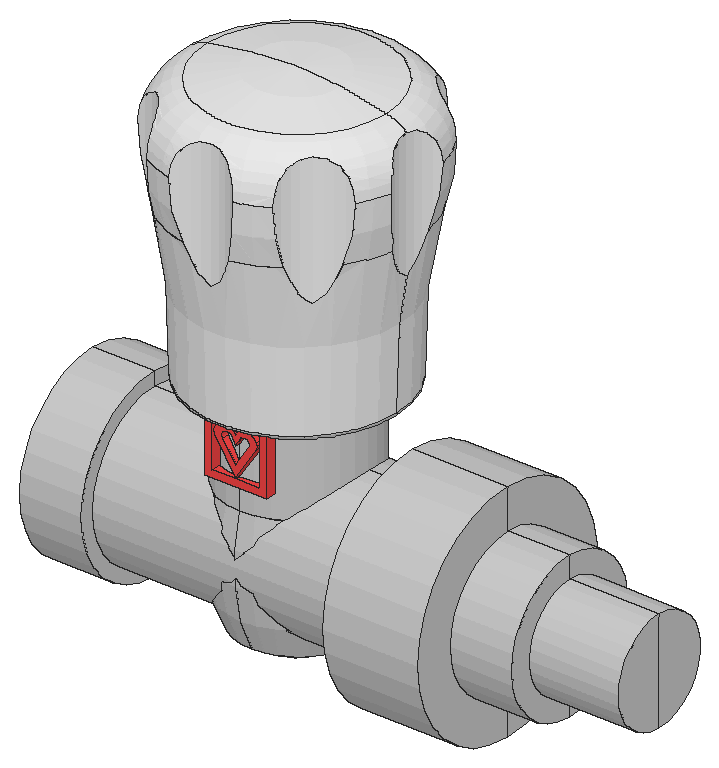
Revit family "GP Radiator Control Valve Straight Model 5523", category Rohrzubehör, Revit 2018
Family settings
  Bemaßung runder Anschluss = Durchmesser verwenden
  Teiletyp = Unterbricht
  OmniClass-Nummer = 23.65.55.14
  OmniClass-Titel = Valves for Liquid Services
  Arbeitsebenenbasiert = Nein
  Immer vertikal = Ja
  Beim Laden mit Abzugskörper schneiden = Nein
  Gemeinsam genutzt = Nein
Parameters
  W01 = 60.00°  # constant formula
  URL = "www.herzvalves.com"
  SCRNSEQ = "ARM;ARM_TYP=\"ALLF\";2"
  SCRNCODE = "05;00;02"  # constant formula
  S04 = 45.000 mm  # constant formula
  S03 = 61.000 mm  # constant formula
  S02 [instance] = L05 + L06 + L07  # 53.300 mm
  S01 = 10.000 mm  # constant formula
  R05 = 25.000 mm  # constant formula
  R04 = 2.000 mm  # constant formula
  R03 = 28.000 mm  # constant formula
  R02 = 11.500 mm  # constant formula
  R01 = 10.500 mm  # constant formula
  Part number [instance] = size_lookup("5523_", "Artnr", 0, Nennweite)  # 1552321
  Nennweite [instance] = 15.000 mm
  Model = "These universal models are nickel-plated and equipped with special sockets for threaded pipe and compression union connections."
  Medium = "Hot water quality according to Austrian standard ÖNORM H 5195 and/or VDI guideline 2035."
  Max. operating temperature = 110 °C  # constant formula
  Max. operating pressure = 1000000.0 Pa  # constant formula
  LO1 = 10.500 mm  # constant formula
  L07 [instance] = size_lookup("5523_", "L7", 1.000 mm, Nennweite)  # 22.300 mm
  L06 [instance] = size_lookup("5523_", "L6", 1.000 mm, Nennweite)  # 14.000 mm
  L05 [instance] = L02 - L04  # 17.000 mm
  L04 [instance] = size_lookup("5523_", "L4", 1.000 mm, Nennweite)  # 8.000 mm
  L03 [instance] = size_lookup("5523_", "L3", 1.000 mm, Nennweite)  # 9.000 mm
  L02 [instance] = size_lookup("5523_", "L2", 1.000 mm, Nennweite)  # 25.000 mm
  L01 [instance] = size_lookup("5523_", "L1", 1.000 mm, Nennweite)  # 30.000 mm
  Hersteller = "HERZ Armaturen Ges.m.b.H."  # constant formula
  Hand wheel = "plastic, white"  # constant formula
  H02 = 25.500 mm  # constant formula
  H01 = 17.000 mm  # constant formula
  GTI [instance] = size_lookup("5523_", "GT1", 1.000 mm, Nennweite)  # 13.200 mm
  GT [instance] = size_lookup("5523_", "GT", 1.000 mm, Nennweite)  # 9.500 mm
  G2 [instance] = Nennweite / 2  # 7.500 mm
  G1 [instance] = Nennweite / 2  # 7.500 mm
  D05 [instance] = size_lookup("5523_", "D5", 1.000 mm, Nennweite)  # 10.650 mm
  D04 [instance] = size_lookup("5523_", "D4", 1.000 mm, Nennweite)  # 16.500 mm
  D03 [instance] = size_lookup("5523_", "D3", 1.000 mm, Nennweite)  # 9.525 mm
  D02 [instance] = size_lookup("5523_", "D2", 1.000 mm, Nennweite)  # 11.500 mm
  D01 [instance] = size_lookup("5523_", "D1", 1.000 mm, Nennweite)  # 13.500 mm
  Body = "nickel-plated"  # constant formula
Reference planes
  plane 1 "Mitte (Vorne/hinten)": y = 0
  plane 2: z = 0
  plane 3 "Mitte (Links/rechts)": x = 0
Forms (mm)
  Revolve 1, solid, material "Messing, weicher Gelbton, geschweißt", detail levels fine
    sketch origin (0, 0, 0) x (1, 0, 0) y (0, 0, 1)
      loop
        line (-20.5, 0) -> (25, 0) -> (25, 9.525) -> (17, 9.525) -> (17, 11.5) -> (-21, 11.5) -> (-21, 13.5) -> (-30, 13.5) -> (-30, 7.5) -> (-20.5, 7.5) -> (-20.5, 0)
      axis (-30, 0) -> (25, 0)
    angle from 0 to 360
  Revolve 2, solid, material "Messing, weicher Gelbton, geschweißt", detail levels fine
    sketch origin (0, 0, 0) x (0, 1, 0) y (0, 0, 1)
      loop
        line (0, 25.5) -> (-10.5, 25.5) -> (-10.5, 7)
        arc (-10.5, 7) -> (-11.341, -2.816) -> (-8.325, -12.194) r 25
        line (-8.325, -12.194) -> (0, -17) -> (0, 25.5)
      axis (0, -17) -> (0, 25.5)
    angle from 0 to 360
  Revolve 3, solid, material "Messing, weicher Gelbton, geschweißt", detail levels fine
    sketch origin (0, 0, 0) x (1, 0, 0) y (0, 0, 1)
      loop
        line (25, 0) -> (53.3, 0) -> (53.3, 7.5) -> (40.1, 7.5) -> (40.1, 10.65) -> (31, 10.65) -> (31, 16.5) -> (17, 16.5) -> (17, 9.525) -> (25, 9.525) -> (25, 0)
      axis (17, 0) -> (53.3, 0)
    angle from 0 to 360
Lines and regions (mm)
  model lines, detail levels coarse+medium
    curve 1: line (-30, 0, 13.5) -> (-30, 0, -13.5)
    curve 2: line (-30, 0, -13.5) -> (30, 0, 13.5)
    curve 3: line (30, 0, 13.5) -> (30, 0, -13.5)
    curve 4: line (30, 0, -13.5) -> (-30, 0, 13.5)
    curve 5: line (30, 0, 13.5) -> (40, 0, 13.5)
    curve 6: line (40, 0, 13.5) -> (30, 0, 0)
    curve 7: line (30, 0, -13.5) -> (40, 0, -13.5)
    curve 8: line (40, 0, -13.5) -> (30, 0, 0)
    curve 9: line (30, 0, 0) -> (53.3, 0, 0)
    curve 10: line (0, 0, 0) -> (0, 0, 61)
    curve 11: line (-22.5, 0, 61) -> (22.5, 0, 61)
    curve 12: line (-30, 13.5, 0) -> (-30, -13.5, 0)
    curve 13: line (-30, -13.5, 0) -> (30, 13.5, 0)
    curve 14: line (30, 13.5, 0) -> (30, -13.5, 0)
    curve 15: line (30, -13.5, 0) -> (-30, 13.5, 0)
    curve 16: line (0, 0, 0) -> (0, 61, 0)
    curve 17: line (-22.5, 61, 0) -> (22.5, 61, 0)
    curve 18: line (30, 13.5, 0) -> (40, 13.5, 0)
    curve 19: line (40, 13.5, 0) -> (30, 0, 0)
    curve 20: line (30, -13.5, 0) -> (40, -13.5, 0)
    curve 21: line (40, -13.5, 0) -> (30, 0, 0)
Dimensions and locks
  "L01": Revolve 1 sketch curve to plane 3 "Mitte (Links/rechts)"
  "L02": Revolve 1 sketch curve to plane 3 "Mitte (Links/rechts)"
  "G1": Revolve 1 sketch curve to plane 2
  "GT": Revolve 1 sketch curve to Revolve 1 sketch curve
  "D01": Revolve 1 sketch curve to Revolve 1 sketch curve
  "D02": Revolve 1 sketch curve to Revolve 1 sketch curve
  "D03": Revolve 1 sketch curve to Revolve 1 sketch curve
  "L03": Revolve 1 sketch curve to Revolve 1 sketch curve
  "L04": Revolve 1 sketch curve to Revolve 1 sketch curve
  "H01": plane 2 to Revolve 2 sketch curve
  "H02": Revolve 2 sketch curve to plane 2
  "R01": Revolve 2 sketch curve to plane 1 "Mitte (Vorne/hinten)"
  "R02": Revolve 2 sketch curve to plane 1 "Mitte (Vorne/hinten)"
  "D03": Revolve 3 sketch curve to plane 2
  "L04": Revolve 3 sketch curve to Revolve 3 sketch curve
  "L05": Revolve 3 sketch curve to plane 3 "Mitte (Links/rechts)"
  "L06": Revolve 3 sketch curve to Revolve 3 sketch curve
  "L07": Revolve 3 sketch curve to Revolve 3 sketch curve
  "D04": Revolve 3 sketch curve to Revolve 3 sketch curve
  "G2": Revolve 3 sketch curve to Revolve 3 sketch curve
  "D05": Revolve 3 sketch curve to Revolve 3 sketch curve
  "GTI": Revolve 3 sketch curve to Revolve 3 sketch curve
  "LO1": nested 2 to plane 2
  "LO1": nested 1 to nested 2
  "D01": curve 4 to plane 2 to curve 2
  "D01": curve 3 to plane 2 to curve 4
  "L01": curve 1 to plane 3 "Mitte (Links/rechts)" to curve 3
  "S01": curve 3 to curve 6
  "S02": curve 9 to plane 3 "Mitte (Links/rechts)"
  "S03": curve 10 to plane 2
  equal spacing: curve 11, curve 10, curve 11
  "S04": curve 11 to curve 11
  "L01": curve 12 to plane 3 "Mitte (Links/rechts)" to curve 14
  "D01": curve 13 to plane 1 "Mitte (Vorne/hinten)" to curve 15
  "D01": curve 15 to plane 1 "Mitte (Vorne/hinten)" to curve 14
  "S03": plane 1 "Mitte (Vorne/hinten)" to curve 16
  equal spacing: curve 17, plane 3 "Mitte (Links/rechts)", curve 17
  "S04": curve 17 to curve 17
  "S01": curve 14 to curve 19
  "S01": curve 14 to curve 21
  "R05": radius of Revolve 2 sketch curve
  "W01": angle Revolve 2 sketch curve to Revolve 2 sketch curve
  aligned and locked: level to plane 2
Automatic sketch dimensions
  curve 10 to level = 0.000 mm
  curve 9 to level = 0.000 mm
  curve 3 to curve 7 = 10.000 mm
  curve 16 to plane 3 "Mitte (Links/rechts)" = 0.000 mm
  plane 1 "Mitte (Vorne/hinten)" to curve 19 = 0.000 mm
  Revolve 1 sketch curve to level = 0.000 mm  (x2)
  Revolve 1 sketch curve to Revolve 1 sketch curve = 1436.530 mm
  Revolve 1 sketch curve to Revolve 1 sketch curve = 1779.148 mm
  Revolve 2 sketch curve to plane 1 "Mitte (Vorne/hinten)" = 0.000 mm  (x2)
  Revolve 2 sketch curve to level = 0.000 mm
  Revolve 2 sketch curve to Revolve 2 sketch curve = 98.333 mm
  Revolve 2 sketch curve to Revolve 2 sketch curve = 1236.335 mm
  Revolve 3 sketch curve to level = 0.000 mm  (x2)
  Revolve 3 sketch curve to plane 3 "Mitte (Links/rechts)" = 1506.530 mm
  Revolve 3 sketch curve to Revolve 3 sketch curve = 1789.648 mm
Nested families
  nested 1: "Handrad-Heizkörperventile" at (0, 0, 20), type "Handrad-Heizkörperventile", detail levels fine
  nested 2: "Herz-Logo-vorne" at (0, -10.5, 15) x (0, 1, 0) z (0, 0, 1), type "Herz-Logo-vorne", detail levels fine
Connectors
  piping at (-20.5, 0, 0), diameter 15, driven by "Nennweite"
    settings: on Revolve 1, index 1, connector inside diameter 609.6 mm, connector length 0.000 mm, flow factor 0, pipe flow 0.0 L/s, pressure drop 0.0 Pa, fitting loss kfactor 0, connector angle 0.00°, fixture units 0, engagement length 0.000 mm, angle of deflection 0.00°, flow configuration 0, flow direction 1, fitting loss method 0, system type 7, joint type 0, gender type 0, connector reference index -1, connector utility 0, adjustable connector no, is connector primary yes, connector description ""
  piping at (53.3, 0, 0), diameter 15, driven by "Nennweite"
    settings: on Revolve 3, index 2, connector inside diameter 609.6 mm, connector length 0.000 mm, flow factor 0, pipe flow 0.0 L/s, pressure drop 0.0 Pa, fitting loss kfactor 0, connector angle 0.00°, fixture units 0, engagement length 0.000 mm, angle of deflection 0.00°, flow configuration 0, flow direction 2, fitting loss method 0, system type 7, joint type 0, gender type 0, connector reference index -1, connector utility 0, adjustable connector no, is connector primary no, connector description ""
Definition of nested family "Handrad-Heizkörperventile"
  Parameters (values of type "Handrad-Heizkörperventile")
    T01 = 5.500 mm  # constant formula
    R01 = 10.500 mm  # constant formula
  Reference planes
    plane 1 "Mitte (Vorne/hinten)": y = 0
    plane 2: z = 0
    plane 3 "Mitte (Links/rechts)": x = 0
  Forms (mm)
    Revolve 1, solid, detail levels fine
      sketch origin (0, 0, 0) x (1, 0, 0) y (0, 0, 1)
        loop
          line (10.5, 0) -> (14.25, 0)
          arc (14.25, 0) -> (14.604, 0.146) -> (14.75, 0.5) r 0.5
          arc (14.75, 0.5) -> (15.098, 12.356) -> (17.195, 24.03) r 80
          arc (17.195, 24.03) -> (18.172, 28.281) -> (18.5, 32.63) r 29
          arc (18.5, 32.63) -> (17.011, 36.946) -> (13.177, 39.426) r 7
          arc (13.177, 39.426) -> (6.637, 40.626) -> (0, 41.028) r 55
          line (0, 41.028) -> (0, 5.5) -> (10.5, 5.5) -> (10.5, 0)
        axis (0, 41.028) -> (0, 0)
      angle from 0 to 360
    Extrusion 2, void
      sketch origin (0, 0, 0) x (1, 0, 0) y (0, 1, 0)
        loop
          arc (-16.011, 9.268) -> (-11.314, 11.314) -> (-9.268, 16.011) r 7
          arc (-9.268, 16.011) -> (-13.081, 13.081) -> (-16.011, 9.268) r 18.5
        loop
          arc (16.011, 9.268) -> (13.081, 13.081) -> (9.268, 16.011) r 18.5
          arc (9.268, 16.011) -> (11.314, 11.314) -> (16.011, 9.268) r 7
        loop
          arc (-16.011, -9.268) -> (-13.081, -13.081) -> (-9.268, -16.011) r 18.5
          arc (-9.268, -16.011) -> (-11.314, -11.314) -> (-16.011, -9.268) r 7
        loop
          arc (16.011, -9.268) -> (11.314, -11.314) -> (9.268, -16.011) r 7
          arc (9.268, -16.011) -> (13.081, -13.081) -> (16.011, -9.268) r 18.5
        loop
          arc (17.953, 4.58) -> (16.078, -0.188) -> (17.953, -4.956) r 7
          arc (17.953, -4.956) -> (18.578, -0.188) -> (17.953, 4.58) r 18.5
        loop
          arc (-17.953, 4.58) -> (-18.578, -0.188) -> (-17.953, -4.956) r 18.5
          arc (-17.953, -4.956) -> (-16.078, -0.188) -> (-17.953, 4.58) r 7
        loop
          arc (-4.58, 17.953) -> (0.188, 16.078) -> (4.956, 17.953) r 7
          arc (4.956, 17.953) -> (0.188, 18.578) -> (-4.58, 17.953) r 18.5
        loop
          arc (-4.58, -17.953) -> (0.188, -18.578) -> (4.956, -17.953) r 18.5
          arc (4.956, -17.953) -> (0.188, -16.078) -> (-4.58, -17.953) r 7
      from 15.609 to 43.011
  Cuts and joins
    Extrusion 2 cuts Revolve 1
  Dimensions and locks
    "R01": Revolve 1 sketch curve to Revolve 1 sketch curve
    Revolve 1 sketch curve to plane 3 "Mitte (Links/rechts)" = 14.750 mm
    "T01": Revolve 1 sketch curve to Revolve 1 sketch curve
    aligned and locked: level to plane 2
  Automatic sketch dimensions
    Extrusion 2 sketch curve to Extrusion 2 sketch curve = 0.000 mm  (x14)
    plane 1 "Mitte (Vorne/hinten)" to Extrusion 2 sketch curve = 0.000 mm
    Extrusion 2 sketch curve to plane 3 "Mitte (Links/rechts)" = 0.000 mm
    Extrusion 2 sketch curve to plane 3 "Mitte (Links/rechts)" = 0.078 mm
    Extrusion 2 sketch curve to plane 3 "Mitte (Links/rechts)" = 16.263 mm  (x2)
    plane 1 "Mitte (Vorne/hinten)" to Extrusion 2 sketch curve = 0.188 mm  (x2)
    Extrusion 2 sketch curve to Extrusion 2 sketch curve = 6.815 mm  (x4)
    plane 3 "Mitte (Links/rechts)" to Extrusion 2 sketch curve = 0.078 mm
    plane 3 "Mitte (Links/rechts)" to Extrusion 2 sketch curve = 0.188 mm  (x2)
    plane 1 "Mitte (Vorne/hinten)" to Extrusion 2 sketch curve = 0.078 mm
    Extrusion 2 sketch curve to Extrusion 2 sketch curve = 0.110 mm  (x2)
    Extrusion 2 sketch curve to plane 1 "Mitte (Vorne/hinten)" = 0.078 mm
    plane 3 "Mitte (Links/rechts)" to Extrusion 2 sketch curve = 16.263 mm  (x2)
    plane 1 "Mitte (Vorne/hinten)" to Extrusion 2 sketch curve = 16.263 mm  (x2)
    Extrusion 2 sketch curve to plane 1 "Mitte (Vorne/hinten)" = 16.263 mm  (x2)
    Extrusion 2 sketch curve to plane 3 "Mitte (Links/rechts)" = 4.580 mm  (x2)
    Extrusion 2 sketch curve to Extrusion 2 sketch curve = 4.688 mm  (x2)
    Extrusion 2 sketch curve to Extrusion 2 sketch curve = 0.252 mm  (x4)
    Extrusion 2 sketch curve to Extrusion 2 sketch curve = 1.942 mm  (x4)
    Extrusion 2 sketch curve to Extrusion 2 sketch curve = 4.312 mm  (x4)
    Revolve 1 sketch curve to plane 3 "Mitte (Links/rechts)" = 0.000 mm  (x2)
    Revolve 1 sketch curve to level = 0.000 mm
    Revolve 1 sketch curve to plane 3 "Mitte (Links/rechts)" = 10.500 mm
    plane 3 "Mitte (Links/rechts)" to Revolve 1 sketch curve = 11.500 mm
    Revolve 1 sketch curve to Revolve 1 sketch curve = 0.500 mm
    level to Revolve 1 sketch curve = 4.086 mm
    Revolve 1 sketch curve to Revolve 1 sketch curve = 79.920 mm
    Revolve 1 sketch curve to level = 13.972 mm
    Revolve 1 sketch curve to Revolve 1 sketch curve = 27.130 mm
    Revolve 1 sketch curve to Revolve 1 sketch curve = 8.398 mm
    Revolve 1 sketch curve to Revolve 1 sketch curve = 0.000 mm
    Revolve 1 sketch curve to Revolve 1 sketch curve = 1.305 mm
    Revolve 1 sketch curve to Revolve 1 sketch curve = 352.073 mm
    Revolve 1 sketch curve to Revolve 1 sketch curve = 2173.287 mm
Definition of nested family "Herz-Logo-vorne"
  Reference planes
    plane 1 "Mitte (Vorne/hinten)": y = 0
    plane 2: z = 0
    plane 3 "Mitte (Links/rechts)": x = 0
  Forms (mm)
    Extrusion 1, solid
      sketch origin (0.732, -0.018, 0.017) x (0, -1, 0) y (0, 0, 1)
        loop
          line (-0.018, -4.517) -> (4.482, -4.517) -> (4.482, 4.483) -> (-4.518, 4.483) -> (-4.518, -4.517) -> (-0.018, -4.517)
        loop
          line (-0.05, -3.48) -> (3.482, -3.48) -> (3.482, 3.483) -> (-3.518, 3.483) -> (-3.518, -3.48) -> (-0.05, -3.48)
        loop
          arc (-0.018, 2.383) -> (-1.543, 3.287) -> (-3.067, 2.383) r 1.738
          arc (-3.067, 2.383) -> (-3.191, 1.899) -> (-3.067, 1.415) r 1.009
          line (-3.067, 1.415) -> (-0.018, -3.281) -> (3.032, 1.415)
          arc (3.032, 1.415) -> (3.156, 1.899) -> (3.032, 2.383) r 1.009
          arc (3.032, 2.383) -> (1.507, 3.287) -> (-0.018, 2.383) r 1.738
        loop
          arc (1.885, 1.272) -> (2.005, 1.675) -> (1.885, 2.079) r 0.74
          arc (1.885, 2.079) -> (1.265, 2.416) -> (0.644, 2.079) r 0.74
          line (0.644, 2.079) -> (-0.018, 0.97) -> (-0.679, 2.079)
          arc (-0.679, 2.079) -> (-1.3, 2.416) -> (-1.921, 2.079) r 0.74
          arc (-1.921, 2.079) -> (-2.04, 1.675) -> (-1.921, 1.272) r 0.74
          line (-1.921, 1.272) -> (-0.018, -1.658) -> (1.885, 1.272)
      from 0 to 1.5
  Dimensions and locks
    aligned and locked: level to plane 2
